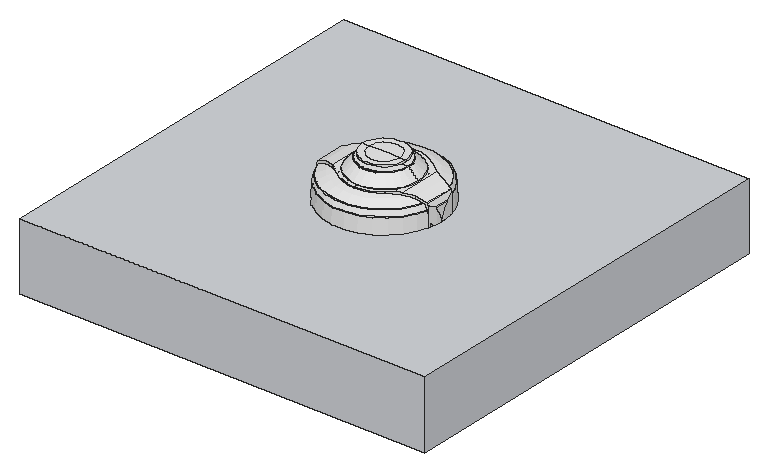
Revit family "B200S-LF-WH.BIM", category Fire Alarm Devices, host Face, Revit 2020 (continued)
Lines and regions (in)
  symbolic lines, style "0", visible <- "Puck_Ceiling", not visible
    curve 573: arc (-7.40824, 0, 1.69596) -> (-7.85767, 0, 1.6895) -> (-8.30672, 0, 1.67013) r 15.63962
    curve 574: arc (-5.9519, 0, 1.35952) -> (-5.68707, 0, 1.07567) -> (-5.40168, 0, 0.8125) r 5.16892
    curve 575: arc (-6.50976, 0, 1.67013) -> (-6.95882, 0, 1.6895) -> (-7.40824, 0, 1.69596) r 15.63962
    curve 576: line (-5.9519, 0, 1.35952) -> (-6.00295, 0, 1.35952)
    curve 577: line (-6.00295, 0, 1.35952) -> (-6.00295, 0, 1.39297)
    curve 578: line (-6.00295, 0, 1.39297) -> (-7.40824, 0, 1.39297)
    curve 579: line (-7.40824, 0, 1.39297) -> (-8.81353, 0, 1.39297)
    curve 580: line (-8.81353, 0, 1.39297) -> (-8.81353, 0, 1.35952)
    curve 581: line (-8.81353, 0, 1.35952) -> (-8.86458, 0, 1.35952)
    curve 582: line (-7.13967, 0, 1.39297) -> (-7.13967, 0, 1.58784)
    curve 583: line (-7.13967, 0, 1.58784) -> (-6.13131, 0, 1.58784)
    curve 584: line (-6.13131, 0, 1.58784) -> (-6.13131, 0, 1.67013)
    curve 585: line (-6.13131, 0, 1.67013) -> (-6.50976, 0, 1.67013)
    curve 586: line (-6.50976, 0, 1.67013) -> (-8.30672, 0, 1.67013)
    curve 587: line (-8.30672, 0, 1.67013) -> (-8.68518, 0, 1.67013)
    curve 588: line (-8.68518, 0, 1.67013) -> (-8.68518, 0, 1.58784)
    curve 589: line (-8.68518, 0, 1.58784) -> (-7.67681, 0, 1.58784)
    curve 590: line (-7.67681, 0, 1.58784) -> (-7.67681, 0, 1.39297)
    curve 591: line (-7.40824, 0, 0) -> (-9.4148, 0, 0)
    curve 592: line (-9.4148, 0, 0) -> (-9.4148, 0, 0.8125)
    curve 593: line (-9.4148, 0, 0.8125) -> (-5.40168, 0, 0.8125)
    curve 594: line (-5.40168, 0, 0.8125) -> (-5.40168, 0, 0)
    curve 595: line (-5.40168, 0, 0) -> (-7.40824, 0, 0)
    curve 596: line (-8.81353, 0, 1.35952) -> (-6.00295, 0, 1.35952)
    curve 597: line (-7.67681, 0, 1.58784) -> (-7.13967, 0, 1.58784)
Dimensions and locks (in)
  "Base Thickness": plane 4 "Base Depth" to Extrusion 1
  plane 4 "Base Depth" to Extrusion 1 = 0' - 1 11/16"
  aligned and locked: plane 2 to Extrusion 1
  aligned and locked: level to Extrusion 1
Nested families (in)
  nested 1: "Smoke-Photo Annot 0" at (0, 0, 0), type "Smoke-Photo Annot 0"
  nested 2: "Detector Head-Select_Series" at (-0.00157, -0.00039, 1.6875), type "Detector_Ivory"
  nested 3: "DetectorBase-Select_Series" at (-0.00157, -0.00039, 0), type <- "Base Select", type "Speciality Base"
    with Speciality Base yes, Flanged Base no
Connectors (in)
  electrical at (0, 0, 0), driven by "Main Electrical Connection"
    settings: index 1, voltage 0 V, apparent load 0 VA, apparent load phase1 0 VA, apparent load phase2 0 VA, apparent load phase3 0 VA, power factor 1, load classification "Other", number of poles 1, system type 11, power factor state 1, is connector primary yes, connector utility no, sub classification motor no, connector description "Signaling Line Circuit"
Definition of nested family "Detector Head-Select_Series"
  Parameters
    URL = ""
    Mounting Requirements = ""
    Model = ""
    Manufacturer = ""
    Finish = none
    Description = ""
    Default Elevation = 4' - 0"
    Assembly Code = ""
  Reference planes (in)
    plane 1 "Center (Front/Back)": y = 0
    plane 2: z = 0
    plane 3 "Center (Left/Right)": x = 0
  Forms (in)
    Extrusion 1, solid
      sketch origin (0, 0, 0) x (1, 0, 0) y (0, 1, 0)
        loop
          line (-48, 48) -> (-48, -48) -> (48, -48) -> (48, 48) -> (-48, 48)
      from 0 to -12
    Revolve 2, solid, material <- "Finish"
      sketch origin (11.31755, 0, -3.91382) x (1, 0, 0) y (0, 0, 1)
        loop
          line (-12.72282, 4.44512) -> (-12.72282, 4.41168) -> (-12.77387, 4.41168)
          arc (-12.77387, 4.41168) -> (-13.03907, 4.12793) -> (-13.32282, 3.86273) r 5.75114
          line (-13.32282, 3.86273) -> (-13.32282, 3.09363) -> (-11.31753, 3.09363) -> (-11.31753, 4.74811)
          arc (-11.31753, 4.74811) -> (-11.76696, 4.74165) -> (-12.21601, 4.72228) r 15.63962
          line (-12.21601, 4.72228) -> (-12.59447, 4.72228) -> (-12.59447, 4.63999) -> (-11.5861, 4.63999) -> (-11.5861, 4.44512) -> (-12.72282, 4.44512)
        axis (-11.31753, 3.09363) -> (-11.31753, 4.74811)
      angle from 0 to 360
  Dimensions and locks (in)
    aligned and locked: plane 2 to Extrusion 1
    aligned and locked: level to Extrusion 1
Definition of nested family "DetectorBase-Select_Series"
  Parameters
    URL = ""
    Speciality Base = no
    Mounting Requirements = ""
    Model = ""
    Manufacturer = ""
    Flanged Base = yes
    Finish = none
    Description = ""
    Default Elevation = 4' - 0"
    Assembly Code = ""
  Reference planes (in)
    plane 1 "Center (Front/Back)": y = 0
    plane 2: z = 0
    plane 3 "Center (Left/Right)": x = 0
  Forms (in)
    Extrusion 1, solid
      sketch origin (0, 0, 0) x (1, 0, 0) y (0, 1, 0)
        loop
          line (-48, 48) -> (-48, -48) -> (48, -48) -> (48, 48) -> (-48, 48)
      from 0 to -12
    Revolve 2, solid, material <- "Finish", visible <- "Flanged Base"
      sketch origin (10.1757, 0, -4.73001) x (1, 0, 0) y (0, 0, 1)
        loop
          line (-10.17413, 4.73142) -> (-10.17413, 4.76939) -> (-12.19488, 4.76939) -> (-12.19488, 5.52812)
          arc (-12.19488, 5.52812) -> (-12.69964, 5.14949) -> (-13.24713, 4.8358) r 5.12142
          line (-13.24713, 4.8358) -> (-13.24713, 4.73142) -> (-10.17413, 4.73142)
        axis (-10.17413, 4.73142) -> (-10.17413, 5.52812)
      angle from 0 to 360
    Revolve 3, solid, material <- "Finish", visible <- "Speciality Base"
      sketch origin (-10.17836, 0, -38.5625) x (1, 0, 0) y (0, 0, 1)
        loop
          line (10.17836, 40.16685) -> (8.05865, 40.16685)
          arc (8.05865, 40.16685) -> (7.49601, 40.03864) -> (6.96355, 39.8162) r 3.36539
          line (6.96355, 39.8162) -> (6.93052, 39.78336) -> (6.80794, 39.50159) -> (6.79953, 39.44646) -> (6.74837, 38.55197) -> (10.17836, 38.55197) -> (10.17836, 40.16685)
        axis (10.17836, 38.55197) -> (10.17836, 40.16685)
      angle from 0 to 360
    Extrusion 4, solid, material <- "Finish", visible <- "Speciality Base"
      sketch origin (5.39929, 5.52411, 0) x (0, -1, 0) y (1, 0, 0)
        loop
          arc (6.3838, -2.07952) -> (5.52411, -1.96996) -> (4.66443, -2.07952) r 3.42775
          arc (4.66443, -2.07952) -> (4.34734, -3.07672) -> (3.798, -3.96733) r 4.28478
          arc (3.798, -3.96733) -> (3.4152, -4.63747) -> (3.28235, -5.39771) r 2.24176
          line (3.28235, -5.39771) -> (3.51444, -5.39771)
          arc (3.51444, -5.39771) -> (5.5249, -3.38962) -> (7.53378, -5.39929) r 2.00967
          line (7.53378, -5.39929) -> (7.76587, -5.39929)
          arc (7.76587, -5.39929) -> (7.63329, -4.63821) -> (7.25022, -3.96733) r 2.24176
          arc (7.25022, -3.96733) -> (6.70088, -3.07672) -> (6.3838, -2.07952) r 4.28478
      from 0 to 1.64949
    Extrusion 5, void
      sketch origin (0, 0, 0) x (1, 0, 0) y (0, 0, 1)
        loop
          arc (2.12173, 1.6356) -> (2.69391, 1.50795) -> (3.23363, 1.27907) r 3.23278
          line (3.23363, 1.27907) -> (3.27393, 1.23877) -> (3.4007, 0.94783) -> (3.40994, 0.88722) -> (3.42975, 0) -> (3.59572, 0) -> (3.59572, 2.1356) -> (0, 2.1356) -> (0, 1.6356) -> (2.12173, 1.6356)
      from -2.33358 to 2.3403
    Extrusion 6, solid, material <- "Finish", visible <- "Speciality Base"
      sketch origin (-5.39929, 5.52411, 0) x (0, -1, 0) y (1, 0, 0)
        loop
          arc (6.3838, 2.07952) -> (6.70088, 3.07672) -> (7.25022, 3.96733) r 4.28478
          arc (7.25022, 3.96733) -> (7.63329, 4.63821) -> (7.76587, 5.39929) r 2.24176
          line (7.76587, 5.39929) -> (7.53378, 5.39929)
          arc (7.53378, 5.39929) -> (5.5249, 3.38962) -> (3.51444, 5.39771) r 2.00967
          line (3.51444, 5.39771) -> (3.28235, 5.39771)
          arc (3.28235, 5.39771) -> (3.4152, 4.63747) -> (3.798, 3.96733) r 2.24176
          arc (3.798, 3.96733) -> (4.34734, 3.07672) -> (4.66443, 2.07952) r 4.28478
          arc (4.66443, 2.07952) -> (5.52411, 1.96996) -> (6.3838, 2.07952) r 3.42775
      from 0 to 1.64949
    Extrusion 7, void
      sketch origin (0, 0, 0) x (-1, 0, 0) y (0, 0, -1)
        loop
          line (2.12173, -1.6356) -> (0, -1.6356) -> (0, -2.1356) -> (3.59572, -2.1356) -> (3.59572, 0) -> (3.42975, 0) -> (3.40994, -0.88722) -> (3.4007, -0.94783) -> (3.27393, -1.23877) -> (3.23363, -1.27907)
          arc (3.23363, -1.27907) -> (2.69391, -1.50795) -> (2.12173, -1.6356) r 3.23278
      from -2.33358 to 2.3403
  Cuts and joins
    Extrusion 5, Extrusion 7 cuts Extrusion 4
    Extrusion 7 cuts Extrusion 6
  Dimensions and locks (in)
    aligned and locked: plane 2 to Extrusion 1
    aligned and locked: level to Extrusion 1
Definition of nested family "Smoke-Photo Annot 0"
  Parameters
    Spare = ""
    SYMBOLTEXT = ""
    Haz = ""
    Det Type = "P"
    Base Type = ""
  Reference planes (in)
    plane 1: y = 0
    plane 2: x = 0
  Lines and regions (in)
    detail lines
      curve 1: line (-0.03964, 0.08684, 0) -> (0.04459, 0.08684, 0)
      curve 2: line (0.04459, 0.08684, 0) -> (0.08801, 0, 0)
      curve 3: line (0.08801, 0, 0) -> (0.04466, -0.08508, 0)
      curve 4: line (0.04466, -0.08508, 0) -> (-0.04134, -0.08508, 0)
      curve 5: line (-0.04134, -0.08508, 0) -> (-0.08388, 0, 0)
      curve 6: line (-0.08388, 0, 0) -> (-0.03964, 0.08684, 0)
  Text (in)
    label "Det Type" at (0.09786, -0.08892, 0), shows "Det Type"
    label "Haz" at (-0.14233, 0.11278, 0), shows "Haz"
    label "Base Type\nSpare" at (-0.10511, -0.14827, 0), shows "Base Type", "Spare"
Types (10): name | Standard_Ceiling | Standard Base | Speciality_Ceiling | Specality Base | Puck_Ceiling | Puck Base | Model | Height | Finish | Diameter | Description | Base Thickness | Base Select | Base Label
  Detector_with_Flanged_Base_White | yes | yes | no | no | no | no | "SD365CO/B300-6" | 0' - 1 11/16" | Plastic_FireLite_White | 0' - 6" | "Intelligent Plug-In Photo-CO Detector / Flanged Mounting Base" | 0' - 0 7/8" | DetectorBase-Select_Series : Flanged Base | ""
  Detector_with_Flanged_Base_Black | yes | yes | no | no | no | no | "SD365CO/B300-6/CK300-BL" | 0' - 1 11/16" | Plastic_FireLite_Black | 0' - 6" | "Intelligent Plug-In Photo-CO Detector / Flanged Mounting Base/Color Kit" | 0' - 0 7/8" | DetectorBase-Select_Series : Flanged Base | ""
  Detector_with_Isolator_Base_White | no | no | yes | yes | no | no | "SD365CO/B224BI" | 0' - 2 9/16" | Plastic_FireLite_White | 0' - 6 7/8" | "Intelligent Plug-In Photo-CO Detector / Isolator Base" | 0' - 1 11/16" | DetectorBase-Select_Series : Speciality Base | "IB"
  Detector_with_Puck_Base_White | no | no | no | no | yes | yes | "SD365CO/B501" | 0' - 1 11/16" | Plastic_FireLite_White | 0' - 4" | "Intelligent Plug-In Photo-CO Detector / 4\" Mounting Base" | 0' - 0 7/8" | DetectorBase-Select_Series : Puck Base | "4\""
  Detector_with_Puck_Base_Black | no | no | no | no | yes | yes | "SD365CO/B501-BL/CK300-BL" | 0' - 1 11/16" | Plastic_FireLite_Black | 0' - 4" | "Intelligent Plug-In Photo-CO Detector / 4\" Mounting Base/Color Kit" | 0' - 0 7/8" | DetectorBase-Select_Series : Puck Base | "4\""
  Detector_with_Relay_Base_White | no | no | yes | yes | no | no | "SD365CO/B224RB" | 0' - 2 9/16" | Plastic_FireLite_White | 0' - 6 7/8" | "Intelligent Plug-In Photo-CO Detector / Relay Base" | 0' - 1 11/16" | DetectorBase-Select_Series : Speciality Base | "RB"
  Detector_with_Sounder_Base_White | no | no | yes | yes | no | no | "SD365CO/B200SR" | 0' - 2 9/16" | Plastic_FireLite_White | 0' - 6 7/8" | "Intelligent Plug-In Photo-CO Detector / Sounder Base" | 0' - 1 11/16" | DetectorBase-Select_Series : Speciality Base | "SB"
  Detector_with_Low_Freq_Sounder_Base_White | no | no | yes | yes | no | no | "SD365CO/B200SR-LF" | 0' - 2 9/16" | Plastic_FireLite_White | 0' - 6 7/8" | "Intelligent Plug-In Photo-CO Detector / Low Freq Sounder Base" | 0' - 1 11/16" | DetectorBase-Select_Series : Speciality Base | "LF"
  Detector_with_Sync_Sounder_Base_White | no | no | yes | yes | no | no | "SD365CO/B200S" | 0' - 2 9/16" | Plastic_FireLite_White | 0' - 6 7/8" | "Intelligent Plug-In Photo-CO Detector / Sounder Base" | 0' - 1 11/16" | DetectorBase-Select_Series : Speciality Base | "SB"
  Detector_with_Low_Freq_Sync_Sounder_Base_White | no | no | yes | yes | no | no | "B200S-LF-WH" | 0' - 2 9/16" | Plastic_FireLite_White | 0' - 6 7/8" | "Intelligent Plug-In Photo-CO Detector / Low Freq Sounder Base" | 0' - 1 11/16" | DetectorBase-Select_Series : Speciality Base | "LF"
